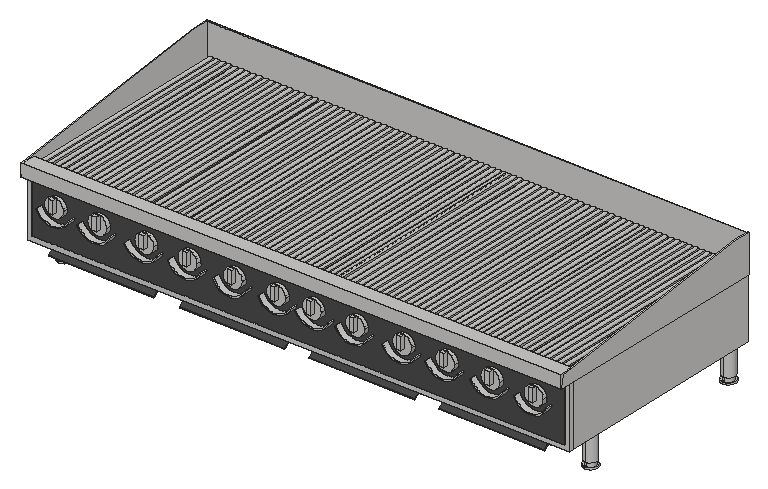
Revit family "QF_Vollrath_972CG", category Specialty Equipment, Revit 2016 (continued)
Automatic sketch dimensions
  Extrusion 50 sketch curve to plane 21 = 0.10953"
  plane 29 to Extrusion 50 sketch curve = 0.30105"
  plane 29 to Extrusion 51 sketch curve = 0.30105"
  Extrusion 51 sketch curve to plane 21 = 0.91844"
  plane 29 to Extrusion 52 sketch curve = 0.30105"
  Extrusion 52 sketch curve to plane 21 = 1.7393"
  plane 29 to Extrusion 53 sketch curve = 0.30105"
  Extrusion 53 sketch curve to plane 21 = 2.54821"
  plane 29 to Extrusion 54 sketch curve = 0.30105"
  Extrusion 54 sketch curve to plane 21 = 3.36907"
  plane 29 to Extrusion 55 sketch curve = 0.30105"
  Extrusion 55 sketch curve to plane 21 = 4.17798"
  plane 29 to Extrusion 56 sketch curve = 0.30105"
  plane 23 to Extrusion 56 sketch curve = 4.00115"
  plane 29 to Extrusion 57 sketch curve = 0.30105"
  plane 23 to Extrusion 57 sketch curve = 3.19225"
  plane 29 to Extrusion 58 sketch curve = 0.30105"
  plane 23 to Extrusion 58 sketch curve = 2.37138"
  plane 29 to Extrusion 59 sketch curve = 0.30105"
  plane 23 to Extrusion 59 sketch curve = 1.56248"
  plane 29 to Extrusion 60 sketch curve = 0.30105"
  plane 23 to Extrusion 60 sketch curve = 0.74161"
  plane 29 to Extrusion 61 sketch curve = 0.30105"
  plane 27 to Extrusion 61 sketch curve = 2.4327"
  plane 29 to Extrusion 62 sketch curve = 0.30105"
  plane 9 to Extrusion 62 sketch curve = 6.80293"
  plane 29 to Extrusion 63 sketch curve = 0.30105"
  plane 9 to Extrusion 63 sketch curve = 5.98206"
  plane 29 to Extrusion 64 sketch curve = 0.30105"
  plane 9 to Extrusion 64 sketch curve = 5.17316"
  plane 29 to Extrusion 65 sketch curve = 0.30105"
  plane 9 to Extrusion 65 sketch curve = 4.35229"
  plane 29 to Extrusion 66 sketch curve = 0.30105"
  plane 9 to Extrusion 66 sketch curve = 3.54339"
  plane 29 to Extrusion 67 sketch curve = 0.30105"
  plane 9 to Extrusion 67 sketch curve = 2.72252"
  plane 29 to Extrusion 68 sketch curve = 0.30105"
  plane 9 to Extrusion 68 sketch curve = 1.90165"
  plane 29 to Extrusion 69 sketch curve = 0.30105"
  plane 9 to Extrusion 69 sketch curve = 1.09275"
  plane 23 to Extrusion 70 sketch curve = 0.01651"
  plane 29 to Extrusion 70 sketch curve = 0.30105"
  plane 29 to Extrusion 71 sketch curve = 0.30105"
  Extrusion 71 sketch curve to plane 23 = 0.7924"
  plane 29 to Extrusion 72 sketch curve = 0.30105"
  Extrusion 72 sketch curve to plane 23 = 1.61326"
  plane 29 to Extrusion 73 sketch curve = 0.30105"
  Extrusion 73 sketch curve to plane 23 = 2.42217"
  plane 29 to Extrusion 74 sketch curve = 0.30105"
  plane 24 to Extrusion 74 sketch curve = 2.75696"
  plane 29 to Extrusion 75 sketch curve = 0.30105"
  plane 24 to Extrusion 75 sketch curve = 1.94806"
  plane 29 to Extrusion 76 sketch curve = 0.30105"
  plane 24 to Extrusion 76 sketch curve = 1.12719"
  plane 24 to Extrusion 77 sketch curve = 0.31829"
  plane 29 to Extrusion 77 sketch curve = 0.30105"
  Extrusion 78 sketch curve to plane 24 = 0.50258"
  plane 29 to Extrusion 78 sketch curve = 0.30105"
  plane 29 to Extrusion 79 sketch curve = 0.30105"
  Extrusion 79 sketch curve to plane 24 = 1.22768"
  plane 29 to Extrusion 80 sketch curve = 0.30105"
  plane 25 to Extrusion 80 sketch curve = 0.95145"
  plane 25 to Extrusion 81 sketch curve = 0.14255"
  plane 29 to Extrusion 81 sketch curve = 0.30105"
  plane 29 to Extrusion 82 sketch curve = 0.30105"
  Extrusion 82 sketch curve to plane 25 = 0.67832"
  plane 29 to Extrusion 83 sketch curve = 0.30105"
  Extrusion 83 sketch curve to plane 25 = 1.40342"
  plane 29 to Extrusion 84 sketch curve = 0.30105"
  Extrusion 84 sketch curve to plane 25 = 2.22429"
  plane 29 to Extrusion 85 sketch curve = 0.30105"
  Extrusion 85 sketch curve to plane 25 = 2.94939"
  plane 29 to Extrusion 86 sketch curve = 0.30105"
  plane 9 to Extrusion 86 sketch curve = 13.30293"
  plane 29 to Extrusion 87 sketch curve = 0.30105"
  plane 9 to Extrusion 87 sketch curve = 12.48206"
  plane 29 to Extrusion 88 sketch curve = 0.30105"
  plane 9 to Extrusion 88 sketch curve = 11.67316"
  plane 29 to Extrusion 89 sketch curve = 0.30105"
  plane 9 to Extrusion 89 sketch curve = 10.85229"
  plane 29 to Extrusion 90 sketch curve = 0.30105"
  plane 9 to Extrusion 90 sketch curve = 10.04339"
  plane 29 to Extrusion 91 sketch curve = 0.30105"
  plane 9 to Extrusion 91 sketch curve = 9.22252"
  plane 29 to Extrusion 92 sketch curve = 0.30105"
  plane 9 to Extrusion 92 sketch curve = 8.40165"
  plane 29 to Extrusion 93 sketch curve = 0.30105"
  plane 9 to Extrusion 93 sketch curve = 7.59275"
  plane 29 to Extrusion 94 sketch curve = 0.30105"
  plane 27 to Extrusion 94 sketch curve = 1.80293"
  plane 29 to Extrusion 95 sketch curve = 0.30105"
  plane 27 to Extrusion 95 sketch curve = 0.98206"
  plane 27 to Extrusion 96 sketch curve = 0.17316"
  plane 29 to Extrusion 96 sketch curve = 0.30105"
  plane 29 to Extrusion 97 sketch curve = 0.30105"
  Extrusion 97 sketch curve to plane 27 = 0.64771"
  plane 29 to Extrusion 98 sketch curve = 0.30105"
  Extrusion 98 sketch curve to plane 27 = 1.45661"
  plane 29 to Extrusion 99 sketch curve = 0.30105"
  Extrusion 99 sketch curve to plane 27 = 2.27748"
  plane 29 to Extrusion 100 sketch curve = 0.30105"
  Extrusion 100 sketch curve to plane 27 = 3.09835"
  plane 29 to Extrusion 101 sketch curve = 0.30105"
  Extrusion 101 sketch curve to plane 27 = 3.90725"
  plane 29 to Extrusion 102 sketch curve = 0.30105"
  Extrusion 102 sketch curve to plane 27 = 4.69707"
  plane 29 to Extrusion 103 sketch curve = 0.30105"
  Extrusion 103 sketch curve to plane 27 = 5.51794"
  plane 29 to Extrusion 104 sketch curve = 0.30105"
  Extrusion 104 sketch curve to plane 27 = 6.32684"
  plane 29 to Extrusion 105 sketch curve = 0.30105"
  Extrusion 105 sketch curve to plane 27 = 7.14771"
  plane 29 to Extrusion 106 sketch curve = 0.30105"
  Extrusion 106 sketch curve to plane 27 = 7.95661"
  plane 29 to Extrusion 107 sketch curve = 0.30105"
  Extrusion 107 sketch curve to plane 27 = 8.77748"
  plane 29 to Extrusion 108 sketch curve = 0.30105"
  Extrusion 108 sketch curve to plane 27 = 9.59835"
  plane 29 to Extrusion 109 sketch curve = 0.30105"
  Extrusion 109 sketch curve to plane 27 = 10.40725"
  plane 29 to Extrusion 110 sketch curve = 0.30105"
  Extrusion 110 sketch curve to plane 27 = 11.21616"
  plane 29 to Extrusion 111 sketch curve = 0.30105"
  Extrusion 111 sketch curve to plane 27 = 12.03702"
  plane 29 to Extrusion 112 sketch curve = 0.30105"
  Extrusion 112 sketch curve to plane 27 = 12.85789"
  plane 29 to Extrusion 113 sketch curve = 0.30105"
  Extrusion 113 sketch curve to plane 27 = 13.6668"
  plane 29 to Extrusion 114 sketch curve = 0.30105"
  Extrusion 114 sketch curve to plane 27 = 14.48766"
  plane 29 to Extrusion 115 sketch curve = 0.30105"
  plane 9 to Extrusion 115 sketch curve = 14.70343"
  plane 29 to Extrusion 116 sketch curve = 0.30105"
  plane 9 to Extrusion 116 sketch curve = 13.95343"
  Extrusion 117 sketch curve to plane 11 = 0.00"
  Extrusion 117 sketch curve to plane 7 "Top of Legs" = 0.00"
  Extrusion 117 sketch curve to plane 21 = 2.48035"
  Extrusion 117 sketch curve to plane 24 = 1.48035"
  Extrusion 118 sketch curve to plane 12 = 0.00"
  Extrusion 118 sketch curve to plane 11 = 0.00"
  Extrusion 118 sketch curve to plane 21 = 2.48035"
  Extrusion 118 sketch curve to plane 24 = 1.48035"
  Extrusion 119 sketch curve to plane 11 = 0.00"
  Extrusion 119 sketch curve to plane 12 = 0.18819"
  plane 6 "FRONT" to Extrusion 119 sketch curve = 0.8615"
  Extrusion 119 sketch curve to plane 12 = 0.25182"
  Extrusion 119 sketch curve to Extrusion 119 sketch curve = 0.06363"  (x2)
  plane 11 to Extrusion 119 sketch curve = 0.06748"
  Extrusion 119 sketch curve to Extrusion 119 sketch curve = 1.02888"
  Extrusion 119 sketch curve to plane 12 = 1.25151"
  Extrusion 120 sketch curve to plane 11 = 0.00"
  Extrusion 120 sketch curve to plane 7 "Top of Legs" = 0.00"
  Extrusion 120 sketch curve to plane 25 = 1.73035"
  Extrusion 120 sketch curve to plane 27 = 9.73035"
  Extrusion 121 sketch curve to plane 12 = 0.00"
  Extrusion 121 sketch curve to plane 11 = 0.00"
  Extrusion 121 sketch curve to plane 25 = 1.73035"
  Extrusion 121 sketch curve to plane 27 = 9.73035"
  Extrusion 122 sketch curve to plane 11 = 0.00"
  Extrusion 122 sketch curve to plane 12 = 0.18819"
  plane 6 "FRONT" to Extrusion 122 sketch curve = 0.8615"
  Extrusion 122 sketch curve to plane 12 = 0.25182"
  Extrusion 122 sketch curve to Extrusion 122 sketch curve = 0.06363"  (x2)
  plane 11 to Extrusion 122 sketch curve = 0.06748"
  Extrusion 122 sketch curve to Extrusion 122 sketch curve = 1.02888"
  Extrusion 122 sketch curve to plane 12 = 1.25151"
  Extrusion 123 sketch curve to plane 11 = 0.00"
  Extrusion 123 sketch curve to plane 7 "Top of Legs" = 0.00"
  Extrusion 123 sketch curve to plane 27 = 12.98035"
  plane 9 to Extrusion 123 sketch curve = 3.01965"
  Extrusion 124 sketch curve to plane 12 = 0.00"
  Extrusion 124 sketch curve to plane 11 = 0.00"
  Extrusion 124 sketch curve to plane 27 = 12.98035"
  plane 9 to Extrusion 124 sketch curve = 3.01965"
  Extrusion 125 sketch curve to plane 11 = 0.00"
  Extrusion 125 sketch curve to plane 12 = 0.18819"
  plane 6 "FRONT" to Extrusion 125 sketch curve = 0.8615"
  Extrusion 125 sketch curve to plane 12 = 0.25182"
  Extrusion 125 sketch curve to Extrusion 125 sketch curve = 0.06363"  (x2)
  plane 11 to Extrusion 125 sketch curve = 0.06748"
  Extrusion 125 sketch curve to Extrusion 125 sketch curve = 1.02888"
  Extrusion 125 sketch curve to plane 12 = 1.25151"
  Extrusion 126 sketch curve to Extrusion 126 sketch curve = 0.00"  (x2)
  Extrusion 126 sketch curve to plane 15 = 1.26323"
  Extrusion 126 sketch curve to plane 15 = 0.01323"
  Extrusion 126 sketch curve to plane 20 = 2.69772"
  Extrusion 127 sketch curve to plane 15 = 0.3254"
  plane 15 to Extrusion 127 sketch curve = 0.22727"
  Extrusion 127 sketch curve to plane 20 = 3.17071"
  Extrusion 127 sketch curve to plane 20 = 1.48733"
  Extrusion 128 sketch curve to Extrusion 128 sketch curve = 0.00"  (x2)
  Extrusion 128 sketch curve to plane 17 = 2.67574"
  Extrusion 128 sketch curve to Extrusion 128 sketch curve = 1.25"
  Extrusion 128 sketch curve to plane 20 = 2.69772"
  plane 21 to Extrusion 129 sketch curve = 2.38643"
  Extrusion 129 sketch curve to Extrusion 129 sketch curve = 0.55267"
  Extrusion 129 sketch curve to plane 20 = 3.17071"
  Extrusion 129 sketch curve to plane 20 = 1.48733"
  Extrusion 130 sketch curve to Extrusion 130 sketch curve = 0.00"  (x2)
  Extrusion 130 sketch curve to plane 21 = 2.42574"
  Extrusion 130 sketch curve to Extrusion 130 sketch curve = 1.25"
  Extrusion 130 sketch curve to plane 20 = 2.69772"
  Extrusion 131 sketch curve to plane 21 = 3.36357"
  Extrusion 131 sketch curve to Extrusion 131 sketch curve = 0.55267"
  Extrusion 131 sketch curve to plane 20 = 3.17071"
  Extrusion 131 sketch curve to plane 20 = 1.48733"
  Extrusion 132 sketch curve to Extrusion 132 sketch curve = 0.00"  (x2)
  plane 23 to Extrusion 132 sketch curve = 0.57426"
  Extrusion 132 sketch curve to plane 23 = 0.67574"
  Extrusion 132 sketch curve to plane 20 = 2.69772"
  Extrusion 133 sketch curve to plane 23 = 0.36357"
  Extrusion 133 sketch curve to Extrusion 133 sketch curve = 0.55267"
  Extrusion 133 sketch curve to plane 20 = 3.17071"
  Extrusion 133 sketch curve to plane 20 = 1.48733"
  Extrusion 134 sketch curve to Extrusion 134 sketch curve = 0.00"  (x2)
  plane 24 to Extrusion 134 sketch curve = 0.82426"
  Extrusion 134 sketch curve to plane 24 = 0.42574"
  Extrusion 134 sketch curve to plane 20 = 2.69772"
  Extrusion 135 sketch curve to plane 24 = 0.11357"
  Extrusion 135 sketch curve to Extrusion 135 sketch curve = 0.55267"
  Extrusion 135 sketch curve to plane 20 = 3.17071"
  Extrusion 135 sketch curve to plane 20 = 1.48733"
  Extrusion 136 sketch curve to Extrusion 136 sketch curve = 0.00"  (x2)
  Extrusion 136 sketch curve to plane 25 = 0.92574"
  Extrusion 136 sketch curve to Extrusion 136 sketch curve = 1.25"
  Extrusion 136 sketch curve to plane 20 = 2.69772"
  Extrusion 137 sketch curve to plane 25 = 1.86357"
  Extrusion 137 sketch curve to Extrusion 137 sketch curve = 0.55267"
  Extrusion 137 sketch curve to plane 20 = 3.17071"
  Extrusion 137 sketch curve to plane 20 = 1.48733"
  Extrusion 138 sketch curve to Extrusion 138 sketch curve = 0.00"  (x2)
  Extrusion 138 sketch curve to plane 27 = 0.67574"
  Extrusion 138 sketch curve to Extrusion 138 sketch curve = 1.25"
  Extrusion 138 sketch curve to plane 20 = 2.69772"
  Extrusion 139 sketch curve to plane 27 = 1.61357"
  Extrusion 139 sketch curve to Extrusion 139 sketch curve = 0.55267"
  Extrusion 139 sketch curve to plane 20 = 3.17071"
  Extrusion 139 sketch curve to plane 20 = 1.48733"
  Extrusion 140 sketch curve to Extrusion 140 sketch curve = 0.00"  (x2)
  Extrusion 140 sketch curve to plane 27 = 6.92574"
  Extrusion 140 sketch curve to Extrusion 140 sketch curve = 1.25"
  Extrusion 140 sketch curve to plane 20 = 2.69772"
  Extrusion 141 sketch curve to plane 20 = 3.17071"
  Extrusion 141 sketch curve to plane 27 = 7.86357"
  Extrusion 141 sketch curve to Extrusion 141 sketch curve = 0.55267"
  Extrusion 141 sketch curve to plane 20 = 1.48733"
  Extrusion 142 sketch curve to Extrusion 142 sketch curve = 0.00"  (x2)
  Extrusion 142 sketch curve to plane 20 = 2.69772"
  Extrusion 142 sketch curve to plane 27 = 12.67574"
  Extrusion 142 sketch curve to Extrusion 142 sketch curve = 1.25"
  Extrusion 143 sketch curve to plane 20 = 3.17071"
  Extrusion 143 sketch curve to plane 27 = 13.61357"
  Extrusion 143 sketch curve to Extrusion 143 sketch curve = 0.55267"
  Extrusion 143 sketch curve to plane 20 = 1.48733"
  Extrusion 144 sketch curve to Extrusion 144 sketch curve = 0.00"  (x2)
  Extrusion 144 sketch curve to plane 20 = 2.69772"
  plane 9 to Extrusion 144 sketch curve = 11.32426"
  Extrusion 144 sketch curve to Extrusion 144 sketch curve = 1.25"
  Extrusion 145 sketch curve to plane 20 = 3.17071"
  plane 9 to Extrusion 145 sketch curve = 10.38643"
  Extrusion 145 sketch curve to Extrusion 145 sketch curve = 0.55267"
  Extrusion 145 sketch curve to plane 20 = 1.48733"
  Extrusion 146 sketch curve to Extrusion 146 sketch curve = 0.00"  (x2)
  plane 9 to Extrusion 146 sketch curve = 5.57426"
  Extrusion 146 sketch curve to Extrusion 146 sketch curve = 1.25"
  Extrusion 146 sketch curve to plane 20 = 2.69772"
  plane 9 to Extrusion 147 sketch curve = 4.63643"
  Extrusion 147 sketch curve to Extrusion 147 sketch curve = 0.55267"
  Extrusion 147 sketch curve to plane 20 = 3.17071"
  Extrusion 147 sketch curve to plane 20 = 1.48733"
  Extrusion 148 sketch curve to plane 19 = 0.00"
  Extrusion 148 sketch curve to plane 29 = 0.00"
  Extrusion 148 sketch curve to plane 20 = 0.00"
  plane 9 to Extrusion 148 sketch curve = 0.125"
  plane 13 to Sweep 149 sketch curve = 0.54537"
  Sweep 149 sketch curve to plane 13 = 1.70463"
  Sweep 149 sketch curve to plane 14 = 0.26566"
  plane 16 to Sweep 149 sketch curve = 3.17912"
  Sweep 149 sketch curve to plane 20 = 2.33416"
  profile plane to Sweep 149 sketch curve = 0.00"
  Sweep 149 sketch curve to profile plane = 0.00"
  Sweep 149 sketch curve to profile plane = 0.14592"
  Sweep 149 sketch curve to Sweep 149 sketch curve = 0.83484"
  Sweep 150 sketch curve to plane 14 = 1.26566"
  Sweep 150 sketch curve to plane 15 = 0.1733"
  plane 17 to Sweep 150 sketch curve = 0.23434"
  plane 16 to Sweep 150 sketch curve = 3.17912"
  Sweep 150 sketch curve to plane 20 = 2.33416"
  profile plane to Sweep 150 sketch curve = 0.00"
  Sweep 150 sketch curve to profile plane = 0.00"
  Sweep 150 sketch curve to profile plane = 0.14592"
  Sweep 150 sketch curve to Sweep 150 sketch curve = 0.83484"
  Sweep 151 sketch curve to plane 17 = 1.51566"
  plane 21 to Sweep 151 sketch curve = 2.23434"
  Sweep 151 sketch curve to plane 21 = 0.01566"
  plane 16 to Sweep 151 sketch curve = 3.17912"
  Sweep 151 sketch curve to plane 20 = 2.33416"
  profile plane to Sweep 151 sketch curve = 0.00"
  Sweep 151 sketch curve to profile plane = 0.00"
  Sweep 151 sketch curve to profile plane = 0.14592"
  Sweep 151 sketch curve to Sweep 151 sketch curve = 0.83484"
  Sweep 152 sketch curve to plane 21 = 1.26566"
  Sweep 152 sketch curve to Sweep 152 sketch curve = 2.25"  (x2)
  plane 16 to Sweep 152 sketch curve = 3.17912"
  Sweep 152 sketch curve to plane 20 = 2.33416"
  profile plane to Sweep 152 sketch curve = 0.00"
  Sweep 152 sketch curve to profile plane = 0.00"
  Sweep 152 sketch curve to profile plane = 0.14592"
  Sweep 152 sketch curve to Sweep 152 sketch curve = 0.83484"
  plane 23 to Sweep 153 sketch curve = 1.73434"
  Sweep 153 sketch curve to plane 23 = 0.51566"
  Sweep 153 sketch curve to Sweep 153 sketch curve = 2.25"
  plane 16 to Sweep 153 sketch curve = 3.17912"
  Sweep 153 sketch curve to plane 20 = 2.33416"
  profile plane to Sweep 153 sketch curve = 0.00"
  Sweep 153 sketch curve to profile plane = 0.00"
  Sweep 153 sketch curve to profile plane = 0.14592"
  Sweep 153 sketch curve to Sweep 153 sketch curve = 0.83484"
  plane 24 to Sweep 154 sketch curve = 1.73434"
  Sweep 154 sketch curve to plane 24 = 0.51566"
  plane 25 to Sweep 154 sketch curve = 0.23434"
  plane 16 to Sweep 154 sketch curve = 3.17912"
  Sweep 154 sketch curve to plane 20 = 2.33416"
  profile plane to Sweep 154 sketch curve = 0.00"
  Sweep 154 sketch curve to profile plane = 0.00"
  Sweep 154 sketch curve to profile plane = 0.14592"
  Sweep 154 sketch curve to Sweep 154 sketch curve = 0.83484"
  Sweep 155 sketch curve to plane 25 = 0.26566"
  Sweep 155 sketch curve to Sweep 155 sketch curve = 2.25"
  plane 27 to Sweep 155 sketch curve = 1.23434"
  plane 16 to Sweep 155 sketch curve = 3.17912"
  Sweep 155 sketch curve to plane 20 = 2.33416"
  profile plane to Sweep 155 sketch curve = 0.00"
  Sweep 155 sketch curve to profile plane = 0.00"
  Sweep 155 sketch curve to profile plane = 0.14592"
  Sweep 155 sketch curve to Sweep 155 sketch curve = 0.83484"
  plane 27 to Sweep 156 sketch curve = 0.48434"
  Sweep 156 sketch curve to plane 27 = 1.76566"
  Sweep 156 sketch curve to Sweep 156 sketch curve = 2.25"
  plane 16 to Sweep 156 sketch curve = 3.17912"
  Sweep 156 sketch curve to plane 20 = 2.33416"
  profile plane to Sweep 156 sketch curve = 0.00"
  Sweep 156 sketch curve to profile plane = 0.00"
  Sweep 156 sketch curve to profile plane = 0.14592"
  Sweep 156 sketch curve to Sweep 156 sketch curve = 0.83484"
  Sweep 157 sketch curve to plane 27 = 5.76566"
  Sweep 157 sketch curve to Sweep 157 sketch curve = 2.25"  (x2)
  plane 16 to Sweep 157 sketch curve = 3.17912"
  Sweep 157 sketch curve to plane 20 = 2.33416"
  profile plane to Sweep 157 sketch curve = 0.00"
  Sweep 157 sketch curve to profile plane = 0.00"
  Sweep 157 sketch curve to profile plane = 0.14592"
  Sweep 157 sketch curve to Sweep 157 sketch curve = 0.83484"
  plane 16 to Sweep 158 sketch curve = 3.17912"
  Sweep 158 sketch curve to plane 27 = 11.51566"
  Sweep 158 sketch curve to Sweep 158 sketch curve = 2.25"  (x2)
  Sweep 158 sketch curve to plane 20 = 2.33416"
  profile plane to Sweep 158 sketch curve = 0.00"
  Sweep 158 sketch curve to profile plane = 0.00"
  Sweep 158 sketch curve to profile plane = 0.14592"
  Sweep 158 sketch curve to Sweep 158 sketch curve = 0.83484"
  plane 16 to Sweep 159 sketch curve = 3.17912"
  plane 9 to Sweep 159 sketch curve = 12.48434"
  Sweep 159 sketch curve to Sweep 159 sketch curve = 2.25"  (x2)
  Sweep 159 sketch curve to plane 20 = 2.33416"
  profile plane to Sweep 159 sketch curve = 0.00"
  Sweep 159 sketch curve to profile plane = 0.00"
  Sweep 159 sketch curve to profile plane = 0.14592"
  Sweep 159 sketch curve to Sweep 159 sketch curve = 0.83484"
  plane 16 to Sweep 160 sketch curve = 3.17912"
  plane 9 to Sweep 160 sketch curve = 6.73434"
  Sweep 160 sketch curve to Sweep 160 sketch curve = 2.25"
  plane 9 to Sweep 160 sketch curve = 2.23434"
  Sweep 160 sketch curve to plane 20 = 2.33416"
  profile plane to Sweep 160 sketch curve = 0.00"
  Sweep 160 sketch curve to profile plane = 0.00"
  Sweep 160 sketch curve to profile plane = 0.14592"
  Sweep 160 sketch curve to Sweep 160 sketch curve = 0.83484"
  plane 10 "BACK" to curve 29 = 0.00"
  curve 48 to curve 36 = 0.21825"
  curve 36 to curve 35 = 2.68868"
  curve 35 to curve 34 = 2.68868"
  curve 34 to curve 33 = 2.71316"
  curve 33 to curve 32 = 2.62206"
  curve 46 to curve 31 = 0.55289"
  curve 45 to curve 30 = 0.24156"
  curve 30 to curve 29 = 2.71316"
  curve 29 to curve 28 = 2.62206"
  curve 28 to curve 27 = 2.68868"
  plane 27 to curve 25 = 2.03965"
  curve 24 to plane 25 = 1.33829"
  plane 25 to curve 23 = 1.35039"
  curve 21 to plane 23 = 2.3144"
  curve 20 to curve 19 = 2.71316"
  curve 18 to curve 17 = 2.5519"
  plane 21 to curve 16 = 1.95008"
  curve 15 to plane 17 = 1.33676"
  curve 13 to plane 15 = 1.73169"
  radius of Extrusion 1 sketch curve = 0.9375"
  radius of Extrusion 2 sketch curve = 0.625"
  radius of Extrusion 3 sketch curve = 0.8125"
  radius of Extrusion 4 sketch curve = 0.9375"
  radius of Extrusion 5 sketch curve = 0.625"
  radius of Extrusion 6 sketch curve = 0.8125"
  radius of Extrusion 7 sketch curve = 0.9375"
  radius of Extrusion 8 sketch curve = 0.625"
  radius of Extrusion 9 sketch curve = 0.8125"
  radius of Extrusion 10 sketch curve = 0.9375"
  radius of Extrusion 11 sketch curve = 0.625"
  radius of Extrusion 12 sketch curve = 0.8125"
  radius of Extrusion 16 sketch curve = 1.25"  (x12)
  radius of Extrusion 23 sketch curve = 0.375"
  radius of Extrusion 29 sketch curve = 0.25"
  radius of Extrusion 30 sketch curve = 0.25"
  radius of Extrusion 31 sketch curve = 0.25"
  radius of Extrusion 32 sketch curve = 0.25"
  radius of Extrusion 33 sketch curve = 0.25"
  radius of Extrusion 34 sketch curve = 0.25"
  radius of Extrusion 35 sketch curve = 0.25"
  radius of Extrusion 36 sketch curve = 0.25"
  radius of Extrusion 37 sketch curve = 0.25"
  radius of Extrusion 38 sketch curve = 0.25"
  radius of Extrusion 39 sketch curve = 0.25"
  radius of Extrusion 40 sketch curve = 0.25"
  radius of Extrusion 41 sketch curve = 0.25"
  radius of Extrusion 42 sketch curve = 0.25"
  radius of Extrusion 43 sketch curve = 0.25"
  radius of Extrusion 44 sketch curve = 0.25"
  radius of Extrusion 45 sketch curve = 0.25"
  radius of Extrusion 46 sketch curve = 0.25"
  radius of Extrusion 47 sketch curve = 0.25"
  radius of Extrusion 48 sketch curve = 0.25"
  radius of Extrusion 49 sketch curve = 0.25"
  radius of Extrusion 50 sketch curve = 0.25"
  radius of Extrusion 51 sketch curve = 0.25"
  radius of Extrusion 52 sketch curve = 0.25"
  radius of Extrusion 53 sketch curve = 0.25"
  radius of Extrusion 54 sketch curve = 0.25"
  radius of Extrusion 55 sketch curve = 0.25"
  radius of Extrusion 56 sketch curve = 0.25"
  radius of Extrusion 57 sketch curve = 0.25"
  radius of Extrusion 58 sketch curve = 0.25"
  radius of Extrusion 59 sketch curve = 0.25"
  radius of Extrusion 60 sketch curve = 0.25"
  radius of Extrusion 61 sketch curve = 0.25"
  radius of Extrusion 62 sketch curve = 0.25"
  radius of Extrusion 63 sketch curve = 0.25"
  radius of Extrusion 64 sketch curve = 0.25"
  radius of Extrusion 65 sketch curve = 0.25"
  radius of Extrusion 66 sketch curve = 0.25"
  radius of Extrusion 67 sketch curve = 0.25"
  radius of Extrusion 68 sketch curve = 0.25"
  radius of Extrusion 69 sketch curve = 0.25"
  radius of Extrusion 70 sketch curve = 0.25"
  radius of Extrusion 71 sketch curve = 0.25"
  radius of Extrusion 72 sketch curve = 0.25"
  radius of Extrusion 73 sketch curve = 0.25"
  radius of Extrusion 74 sketch curve = 0.25"
  radius of Extrusion 75 sketch curve = 0.25"
  radius of Extrusion 76 sketch curve = 0.25"
  radius of Extrusion 77 sketch curve = 0.25"
  radius of Extrusion 78 sketch curve = 0.25"
  radius of Extrusion 79 sketch curve = 0.25"
  radius of Extrusion 80 sketch curve = 0.25"
  radius of Extrusion 81 sketch curve = 0.25"
  radius of Extrusion 82 sketch curve = 0.25"
  radius of Extrusion 83 sketch curve = 0.25"
  radius of Extrusion 84 sketch curve = 0.25"
  radius of Extrusion 85 sketch curve = 0.25"
  radius of Extrusion 86 sketch curve = 0.25"
  radius of Extrusion 87 sketch curve = 0.25"
  radius of Extrusion 88 sketch curve = 0.25"
  radius of Extrusion 89 sketch curve = 0.25"
  radius of Extrusion 90 sketch curve = 0.25"
  radius of Extrusion 91 sketch curve = 0.25"
  radius of Extrusion 92 sketch curve = 0.25"
  radius of Extrusion 93 sketch curve = 0.25"
  radius of Extrusion 94 sketch curve = 0.25"
  radius of Extrusion 95 sketch curve = 0.25"
  radius of Extrusion 96 sketch curve = 0.25"
  radius of Extrusion 97 sketch curve = 0.25"
  radius of Extrusion 98 sketch curve = 0.25"
  radius of Extrusion 99 sketch curve = 0.25"
  radius of Extrusion 100 sketch curve = 0.25"
  radius of Extrusion 101 sketch curve = 0.25"
  radius of Extrusion 102 sketch curve = 0.25"
  radius of Extrusion 103 sketch curve = 0.25"
  radius of Extrusion 104 sketch curve = 0.25"
  radius of Extrusion 105 sketch curve = 0.25"
  radius of Extrusion 106 sketch curve = 0.25"
  radius of Extrusion 107 sketch curve = 0.25"
  radius of Extrusion 108 sketch curve = 0.25"
  radius of Extrusion 109 sketch curve = 0.25"
  radius of Extrusion 110 sketch curve = 0.25"
  radius of Extrusion 111 sketch curve = 0.25"
  radius of Extrusion 112 sketch curve = 0.25"
  radius of Extrusion 113 sketch curve = 0.25"
  radius of Extrusion 114 sketch curve = 0.25"
  radius of Extrusion 115 sketch curve = 0.25"
  radius of Extrusion 116 sketch curve = 0.25"
Connectors (in)
  piping at (17.76221, 1.5, 41.62941), diameter 0.75
    settings: on Extrusion 23, index 1, connector inside diameter 3/4", connector length 0.00", flow factor 0, pipe flow 0 GPM, pressure drop 0.00 psi, fitting loss kfactor 0, connector angle 0.00°, fixture units 0, engagement length 0.00", angle of deflection 0.00°, flow configuration 1, flow direction 1, fitting loss method 0, system type 22, joint type 0, gender type 0, connector reference index -1, connector utility 0, adjustable connector no, is connector primary yes, connector description "Gas Connection"
